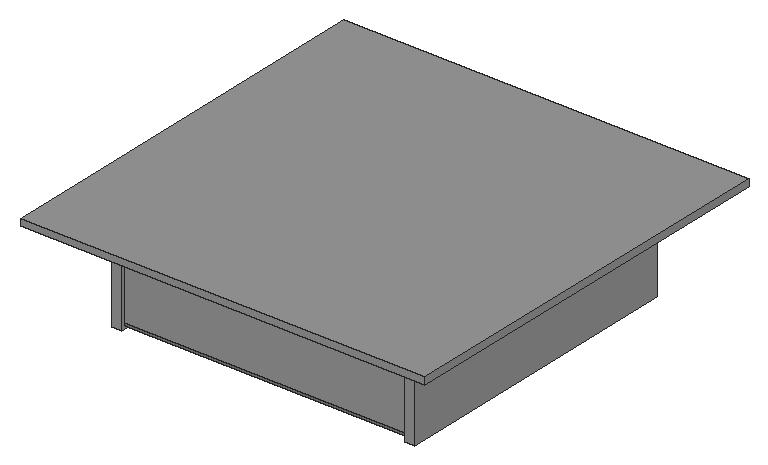
Revit family "Berica 2.0 M", category Lighting Fixtures, Revit 2020 (continued)
Definition of nested family "Light Source Berica 2.0"
  Types (4, lengths in mm): name | Photometric Web File | built-in parameter 1150142
      3.13 42.35 41.68 41.10 40.56 40.12 39.70 39.34 38.95 \r\n38.53 38.12 37.66 37.22 36.78 36.36 36.00 35.89 36.00 \r\n36.36 36.78 37.22 37.66 38.12 38.53 38.95 39.34 39.70 \r\n40.12 40.56 41.10 41.68 42.35 43.13 43.93 44.86 45.93 \r\n47.04 48.34 49.76 51.43 53.11 55.07 57.27 60.04 62.98 \r\n66.15 69.78 73.36 77.48 81.84 86.27 90.65 95.60 100.36 \r\n105.27 110.16 115.04 119.42 123.62 127.27 130.59 133.59 \r\n136.23 138.39 140.11 141.58 142.55 143.19 143.44 143.43 \r\n143.25 142.81 142.25 141.51 140.68 139.75 138.68 137.18 \r\n136.12 134.92 133.66 132.39 131.17 129.94 128.69 127.59 \r\n126.44 125.40 124.27 123.33 122.43 121.60 120.80 120.12 \r\n119.55 119.07 118.61 118.22 117.91 117.62 117.44 117.21 \r\n117.00 116.84 116.72 116.65 116.69 \r\n116.69 116.66 116.72 116.92 117.13 117.36 117.58 117.83 \r\n118.23 118.59 119.04 119.66 120.23 120.96 121.74 122.66 \r\n123.68 124.74 125.99 127.22 128.57 129.86 131.33 132.58 \r\n134.07 135.38 136.79 138.20 139.51 140.68 142.22 143.33 \r\n144.27 145.04 145.67 146.14 146.42 146.39 146.10 145.41 \r\n144.38 142.86 141.15 138.77 136.10 133.04 129.85 126.05 \r\n121.32 116.89 111.82 106.94 101.51 96.57 91.86 87.37 \r\n82.58 78.34 74.21 70.50 66.92 63.86 60.82 58.39 56.24 \r\n54.44 52.79 51.12 49.92 48.58 47.57 46.46 45.66 44.86 \r\n44.21 43.56 43.04 42.51 42.13 41.77 41.40 41.07 40.74 \r\n40.41 39.97 39.55 39.10 38.74 38.27 37.99 37.83 37.99 \r\n38.27 38.74 39.10 39.55 39.97 40.41 40.74 41.07 41.40 \r\n41.77 42.13 42.51 43.04 43.56 44.21 44.86 45.66 46.46 \r\n47.57 48.58 49.92 51.12 52.79 54.44 56.24 58.39 60.82 \r\n63.86 66.92 70.50 74.21 78.34 82.58 87.37 91.86 96.57 \r\n101.51 106.94 111.82 116.89 121.32 126.05 129.85 133.04 \r\n136.10 138.77 141.15 142.86 144.38 145.41 146.10 146.39 \r\n146.42 146.14 145.67 145.04 144.27 143.33 142.22 140.68 \r\n139.51 138.20 136.79 135.38 134.07 132.58 131.33 129.86 \r\n128.57 127.22 125.99 124.74 123.68 122.66 121.74 120.96 \r\n120.23 119.66 119.04 118.59 118.23 117.83 117.58 117.36 \r\n117.13 116.92 116.72 116.66 116.69 \r\n116.69 116.66 116.78 116.91 117.21 117.43 117.72 118.03 \r\n118.47 118.93 119.48 120.05 120.75 121.63 122.54 123.55 \r\n124.80 126.00 127.45 128.88 130.28 131.91 133.37 134.92 \r\n136.42 137.98 139.56 140.87 142.19 143.54 145.05 146.09 \r\n147.13 147.77 148.34 148.62 148.69 148.40 147.84 146.87 \r\n145.38 143.57 141.25 138.52 135.79 132.26 128.23 123.92 \r\n119.01 113.66 108.75 103.52 98.73 93.37 88.55 84.16 79.52 \r\n75.49 71.91 68.18 65.02 62.00 59.64 57.60 55.73 54.16 \r\n52.70 51.29 50.03 49.00 48.05 47.22 46.47 45.73 45.19 \r\n44.62 44.25 43.81 43.50 43.14 42.84 42.54 42.30 41.92 \r\n41.52 41.14 40.75 40.34 39.97 39.66 39.55 39.66 39.97 \r\n40.34 40.75 41.14 41.52 41.92 42.30 42.54 42.84 43.14 \r\n43.50 43.81 44.25 44.62 45.19 45.73 46.47 47.22 48.05 \r\n49.00 50.03 51.29 52.70 54.16 55.73 57.60 59.64 62.00 \r\n65.02 68.18 71.91 75.49 79.52 84.16 88.55 93.37 98.73 \r\n103.52 108.75 113.66 119.01 123.92 128.23 132.26 135.79 \r\n138.52 141.25 143.57 145.38 146.87 147.84 148.40 148.69 \r\n148.62 148.34 147.77 147.13 146.09 145.05 143.54 142.19 \r\n140.87 139.56 137.98 136.42 134.92 133.37 131.91 130.28 \r\n128.88 127.45 126.00 124.80 123.55 122.54 121.63 120.75 \r\n120.05 119.48 118.93 118.47 118.03 117.72 117.43 117.21 \r\n116.91 116.78 116.66 116.69 \r\n116.69 116.69 116.79 116.96 117.26 117.56 117.91 118.21 \r\n118.69 119.24 119.88 120.51 121.33 122.19 123.25 124.38 \r\n125.65 127.12 128.67 130.31 131.85 133.57 135.09 136.74 \r\n138.31 140.02 141.54 143.07 144.40 145.75 147.22 148.20 \r\n149.15 149.81 150.26 150.43 150.27 149.74 148.86 147.61 \r\n145.82 143.64 140.91 138.33 134.92 130.85 126.50 121.72 \r\n116.62 111.27 106.24 100.83 95.90 90.37 85.98 81.24 77.28 \r\n73.16 69.77 66.43 63.46 61.11 58.86 57.00 55.35 54.03 \r\n52.64 51.45 50.36 49.44 48.54 47.81 47.09 46.57 45.96 \r\n45.62 45.17 44.93 44.52 44.32 44.12 43.78 43.48 43.14 \r\n42.86 42.42 42.09 41.71 41.36 41.00 40.94 41.00 41.36 \r\n41.71 42.09 42.42 42.86 43.14 43.48 43.78 44.12 44.32 \r\n44.52 44.93 45.17 45.62 45.96 46.57 47.09 47.81 48.54 \r\n49.44 50.36 51.45 52.64 54.03 55.35 57.00 58.86 61.11 \r\n63.46 66.43 69.77 73.16 77.28 81.24 85.98 90.37 95.90 \r\n100.83 106.24 111.27 116.62 121.72 126.50 130.85 134.92 \r\n138.33 140.91 143.64 145.82 147.61 148.86 149.74 150.27 \r\n150.43 150.26 149.81 149.15 148.20 147.22 145.75 144.40 \r\n143.07 141.54 140.02 138.31 136.74 135.09 133.57 131.85 \r\n130.31 128.67 127.12 125.65 124.38 123.25 122.19 121.33 \r\n120.51 119.88 119.24 118.69 118.21 117.91 117.56 117.26 \r\n116.96 116.79 116.69 116.69 \r\n116.69 116.66 116.78 116.96 117.32 117.66 118.03 118.40 \r\n118.94 119.47 120.14 120.82 121.75 122.67 123.78 125.08 \r\n126.52 127.98 129.66 131.35 132.88 134.86 136.38 138.20 \r\n139.84 141.49 143.08 144.66 146.02 147.34 148.67 149.75 \r\n150.62 151.25 151.62 151.64 151.39 150.70 149.53 148.06 \r\n145.93 143.31 140.93 137.58 133.60 129.50 124.89 120.00 \r\n114.69 109.21 103.83 98.88 93.48 88.38 83.78 79.49 75.52 \r\n71.57 68.34 65.30 62.49 60.39 58.44 56.79 55.29 53.93 \r\n52.69 51.60 50.63 49.75 49.00 48.28 47.79 47.16 46.75 \r\n46.44 45.92 45.78 45.44 45.28 45.02 44.72 44.45 44.16 \r\n43.81 43.45 43.07 42.73 42.39 42.07 42.07 42.07 42.39 \r\n42.73 43.07 43.45 43.81 44.16 44.45 44.72 45.02 45.28 \r\n45.44 45.78 45.92 46.44 46.75 47.16 47.79 48.28 49.00 \r\n49.75 50.63 51.60 52.69 53.93 55.29 56.79 58.44 60.39 \r\n62.49 65.30 68.34 71.57 75.52 79.49 83.78 88.38 93.48 \r\n98.88 103.83 109.21 114.69 120.00 124.89 129.50 133.60 \r\n137.58 140.93 143.31 145.93 148.06 149.53 150.70 151.39 \r\n151.64 151.62 151.25 150.62 149.75 148.67 147.34 146.02 \r\n144.66 143.08 141.49 139.84 138.20 136.38 134.86 132.88 \r\n131.35 129.66 127.98 126.52 125.08 123.78 122.67 121.75 \r\n120.82 120.14 119.47 118.94 118.40 118.03 117.66 117.32 \r\n116.96 116.78 116.66 116.69 \r\n116.69 116.68 116.81 117.02 117.37 117.73 118.17 118.62 \r\n119.09 119.65 120.39 121.20 122.06 123.04 124.35 125.69 \r\n127.03 128.62 130.31 132.06 133.93 135.61 137.36 139.17 \r\n140.92 142.63 144.21 145.69 147.21 148.45 149.66 150.69 \r\n151.50 152.06 152.32 152.28 151.80 150.96 149.61 148.00 \r\n145.73 143.12 140.21 136.98 132.82 128.41 123.43 118.34 \r\n113.04 107.64 102.20 97.07 91.94 86.91 82.18 77.99 74.07 \r\n70.57 67.35 64.43 61.97 59.91 58.15 56.62 55.19 53.92 \r\n52.75 51.73 50.79 49.95 49.24 48.68 48.05 47.56 47.22 \r\n46.85 46.60 46.27 46.06 45.89 45.60 45.38 45.12 44.84 \r\n44.52 44.18 43.78 43.50 43.10 42.84 42.80 42.84 43.10 \r\n43.50 43.78 44.18 44.52 44.84 45.12 45.38 45.60 45.89 \r\n46.06 46.27 46.60 46.85 47.22 47.56 48.05 48.68 49.24 \r\n49.95 50.79 51.73 52.75 53.92 55.19 56.62 58.15 59.91 \r\n61.97 64.43 67.35 70.57 74.07 77.99 82.18 86.91 91.94 \r\n97.07 102.20 107.64 113.04 118.34 123.43 128.41 132.82 \r\n136.98 140.21 143.12 145.73 148.00 149.61 150.96 151.80 \r\n152.28 152.32 152.06 151.50 150.69 149.66 148.45 147.21 \r\n145.69 144.21 142.63 140.92 139.17 137.36 135.61 133.93 \r\n132.06 130.31 128.62 127.03 125.69 124.35 123.04 122.06 \r\n121.20 120.39 119.65 119.09 118.62 118.17 117.73 117.37 \r\n117.02 116.81 116.68 116.69 \r\n116.69 116.71 116.82 117.07 117.44 117.79 118.26 118.73 \r\n119.23 119.83 120.59 121.43 122.33 123.33 124.63 126.00 \r\n127.48 129.09 130.80 132.59 134.32 136.24 137.96 139.69 \r\n141.55 143.23 144.84 146.42 147.86 149.23 150.45 151.33 \r\n152.11 152.61 152.77 152.62 152.06 151.11 149.72 148.01 \r\n145.60 142.89 139.81 136.49 132.42 127.65 122.67 117.30 \r\n111.98 106.42 101.28 95.37 90.77 85.78 81.16 76.94 73.36 \r\n69.88 66.77 63.92 61.64 59.90 57.93 56.58 54.99 53.89 \r\n52.64 51.76 50.84 50.14 49.42 48.80 48.42 47.79 47.50 \r\n47.06 46.89 46.57 46.39 46.15 46.05 45.77 45.56 45.23 \r\n44.89 44.60 44.19 43.88 43.56 43.32 43.18 43.32 43.56 \r\n43.88 44.19 44.60 44.89 45.23 45.56 45.77 46.05 46.15 \r\n46.39 46.57 46.89 47.06 47.50 47.79 48.42 48.80 49.42 \r\n50.14 50.84 51.76 52.64 53.89 54.99 56.58 57.93 59.90 \r\n61.64 63.92 66.77 69.88 73.36 76.94 81.16 85.78 90.77 \r\n95.37 101.28 106.42 111.98 117.30 122.67 127.65 132.42 \r\n136.49 139.81 142.89 145.60 148.01 149.72 151.11 152.06 \r\n152.62 152.77 152.61 152.11 151.33 150.45 149.23 147.86 \r\n146.42 144.84 143.23 141.55 139.69 137.96 136.24 134.32 \r\n132.59 130.80 129.09 127.48 126.00 124.63 123.33 122.33 \r\n121.43 120.59 119.83 119.23 118.73 118.26 117.79 117.44 \r\n117.07 116.82 116.71 116.69 \r\n116.69 116.75 116.96 117.17 117.63 117.98 118.60 119.10 \r\n119.62 120.24 121.09 121.90 122.88 124.05 125.37 126.66 \r\n128.28 129.75 131.64 133.49 135.30 137.07 139.07 140.66 \r\n142.51 144.22 145.77 147.46 148.76 150.19 151.37 152.34 \r\n153.01 153.44 153.52 153.30 152.65 151.60 150.05 148.24 \r\n145.94 142.54 139.52 135.80 132.10 127.33 121.99 116.42 \r\n111.16 105.57 100.04 94.58 89.73 84.97 80.68 76.49 72.68 \r\n69.23 66.31 63.34 61.20 59.41 57.70 56.34 54.72 53.60 \r\n52.62 51.62 50.74 50.10 49.28 48.75 48.25 47.78 47.42 \r\n47.19 46.77 46.74 46.44 46.32 46.16 45.96 45.69 45.58 \r\n45.16 44.93 44.57 44.23 43.87 43.66 43.39 43.66 43.87 \r\n44.23 44.57 44.93 45.16 45.58 45.69 45.96 46.16 46.32 \r\n46.44 46.74 46.77 47.19 47.42 47.78 48.25 48.75 49.28 \r\n50.10 50.74 51.62 52.62 53.60 54.72 56.34 57.70 59.41 \r\n61.20 63.34 66.31 69.23 72.68 76.49 80.68 84.97 89.73 \r\n94.58 100.04 105.57 111.16 116.42 121.99 127.33 132.10 \r\n135.80 139.52 142.54 145.94 148.24 150.05 151.60 152.65 \r\n153.30 153.52 153.44 153.01 152.34 151.37 150.19 148.76 \r\n147.46 145.77 144.22 142.51 140.66 139.07 137.07 135.30 \r\n133.49 131.64 129.75 128.28 126.66 125.37 124.05 122.88 \r\n121.90 121.09 120.24 119.62 119.10 118.60 117.98 117.63 \r\n117.17 116.96 116.75 116.69 \r\n116.69 116.71 116.82 117.07 117.44 117.79 118.26 118.73 \r\n119.23 119.83 120.59 121.43 122.33 123.33 124.63 126.00 \r\n127.48 129.09 130.80 132.59 134.32 136.24 137.96 139.69 \r\n141.55 143.23 144.84 146.42 147.86 149.23 150.45 151.33 \r\n152.11 152.61 152.77 152.62 152.06 151.11 149.72 148.01 \r\n145.60 142.89 139.81 136.49 132.42 127.65 122.67 117.30 \r\n111.98 106.42 101.28 95.37 90.77 85.78 81.16 76.94 73.36 \r\n69.88 66.77 63.92 61.64 59.90 57.93 56.58 54.99 53.89 \r\n52.64 51.76 50.84 50.14 49.42 48.80 48.42 47.79 47.50 \r\n47.06 46.89 46.57 46.39 46.15 46.05 45.77 45.56 45.23 \r\n44.89 44.60 44.19 43.88 43.56 43.32 43.18 43.32 43.56 \r\n43.88 44.19 44.60 44.89 45.23 45.56 45.77 46.05 46.15 \r\n46.39 46.57 46.89 47.06 47.50 47.79 48.42 48.80 49.42 \r\n50.14 50.84 51.76 52.64 53.89 54.99 56.58 57.93 59.90 \r\n61.64 63.92 66.77 69.88 73.36 76.94 81.16 85.78 90.77 \r\n95.37 101.28 106.42 111.98 117.30 122.67 127.65 132.42 \r\n136.49 139.81 142.89 145.60 148.01 149.72 151.11 152.06 \r\n152.62 152.77 152.61 152.11 151.33 150.45 149.23 147.86 \r\n146.42 144.84 143.23 141.55 139.69 137.96 136.24 134.32 \r\n132.59 130.80 129.09 127.48 126.00 124.63 123.33 122.33 \r\n121.43 120.59 119.83 119.23 118.73 118.26 117.79 117.44 \r\n117.07 116.82 116.71 116.69 \r\n116.69 116.68 116.81 117.02 117.37 117.73 118.17 118.62 \r\n119.09 119.65 120.39 121.20 122.06 123.04 124.35 125.69 \r\n127.03 128.62 130.31 132.06 133.93 135.61 137.36 139.17 \r\n140.92 142.63 144.21 145.69 147.21 148.45 149.66 150.69 \r\n151.50 152.06 152.32 152.28 151.80 150.96 149.61 148.00 \r\n145.73 143.12 140.21 136.98 132.82 128.41 123.43 118.34 \r\n113.04 107.64 102.20 97.07 91.94 86.91 82.18 77.99 74.07 \r\n70.57 67.35 64.43 61.97 59.91 58.15 56.62 55.19 53.92 \r\n52.75 51.73 50.79 49.95 49.24 48.68 48.05 47.56 47.22 \r\n46.85 46.60 46.27 46.06 45.89 45.60 45.38 45.12 44.84 \r\n44.52 44.18 43.78 43.50 43.10 42.84 42.80 42.84 43.10 \r\n43.50 43.78 44.18 44.52 44.84 45.12 45.38 45.60 45.89 \r\n46.06 46.27 46.60 46.85 47.22 47.56 48.05 48.68 49.24 \r\n49.95 50.79 51.73 52.75 53.92 55.19 56.62 58.15 59.91 \r\n61.97 64.43 67.35 70.57 74.07 77.99 82.18 86.91 91.94 \r\n97.07 102.20 107.64 113.04 118.34 123.43 128.41 132.82 \r\n136.98 140.21 143.12 145.73 148.00 149.61 150.96 151.80 \r\n152.28 152.32 152.06 151.50 150.69 149.66 148.45 147.21 \r\n145.69 144.21 142.63 140.92 139.17 137.36 135.61 133.93 \r\n132.06 130.31 128.62 127.03 125.69 124.35 123.04 122.06 \r\n121.20 120.39 119.65 119.09 118.62 118.17 117.73 117.37 \r\n117.02 116.81 116.68 116.69 \r\n116.69 116.66 116.78 116.96 117.32 117.66 118.03 118.40 \r\n118.94 119.47 120.14 120.82 121.75 122.67 123.78 125.08 \r\n126.52 127.98 129.66 131.35 132.88 134.86 136.38 138.20 \r\n139.84 141.49 143.08 144.66 146.02 147.34 148.67 149.75 \r\n150.62 151.25 151.62 151.64 151.39 150.70 149.53 148.06 \r\n145.93 143.31 140.93 137.58 133.60 129.50 124.89 120.00 \r\n114.69 109.21 103.83 98.88 93.48 88.38 83.78 79.49 75.52 \r\n71.57 68.34 65.30 62.49 60.39 58.44 56.79 55.29 53.93 \r\n52.69 51.60 50.63 49.75 49.00 48.28 47.79 47.16 46.75 \r\n46.44 45.92 45.78 45.44 45.28 45.02 44.72 44.45 44.16 \r\n43.81 43.45 43.07 42.73 42.39 42.07 42.07 42.07 42.39 \r\n42.73 43.07 43.45 43.81 44.16 44.45 44.72 45.02 45.28 \r\n45.44 45.78 45.92 46.44 46.75 47.16 47.79 48.28 49.00 \r\n49.75 50.63 51.60 52.69 53.93 55.29 56.79 58.44 60.39 \r\n62.49 65.30 68.34 71.57 75.52 79.49 83.78 88.38 93.48 \r\n98.88 103.83 109.21 114.69 120.00 124.89 129.50 133.60 \r\n137.58 140.93 143.31 145.93 148.06 149.53 150.70 151.39 \r\n151.64 151.62 151.25 150.62 149.75 148.67 147.34 146.02 \r\n144.66 143.08 141.49 139.84 138.20 136.38 134.86 132.88 \r\n131.35 129.66 127.98 126.52 125.08 123.78 122.67 121.75 \r\n120.82 120.14 119.47 118.94 118.40 118.03 117.66 117.32 \r\n116.96 116.78 116.66 116.69 \r\n116.69 116.69 116.79 116.96 117.26 117.56 117.91 118.21 \r\n118.69 119.24 119.88 120.51 121.33 122.19 123.25 124.38 \r\n125.65 127.12 128.67 130.31 131.85 133.57 135.09 136.74 \r\n138.31 140.02 141.54 143.07 144.40 145.75 147.22 148.20 \r\n149.15 149.81 150.26 150.43 150.27 149.74 148.86 147.61 \r\n145.82 143.64 140.91 138.33 134.92 130.85 126.50 121.72 \r\n116.62 111.27 106.24 100.83 95.90 90.37 85.98 81.24 77.28 \r\n73.16 69.77 66.43 63.46 61.11 58.86 57.00 55.35 54.03 \r\n52.64 51.45 50.36 49.44 48.54 47.81 47.09 46.57 45.96 \r\n45.62 45.17 44.93 44.52 44.32 44.12 43.78 43.48 43.14 \r\n42.86 42.42 42.09 41.71 41.36 41.00 40.94 41.00 41.36 \r\n41.71 42.09 42.42 42.86 43.14 43.48 43.78 44.12 44.32 \r\n44.52 44.93 45.17 45.62 45.96 46.57 47.09 47.81 48.54 \r\n49.44 50.36 51.45 52.64 54.03 55.35 57.00 58.86 61.11 \r\n63.46 66.43 69.77 73.16 77.28 81.24 85.98 90.37 95.90 \r\n100.83 106.24 111.27 116.62 121.72 126.50 130.85 134.92 \r\n138.33 140.91 143.64 145.82 147.61 148.86 149.74 150.27 \r\n150.43 150.26 149.81 149.15 148.20 147.22 145.75 144.40 \r\n143.07 141.54 140.02 138.31 136.74 135.09 133.57 131.85 \r\n130.31 128.67 127.12 125.65 124.38 123.25 122.19 121.33 \r\n120.51 119.88 119.24 118.69 118.21 117.91 117.56 117.26 \r\n116.96 116.79 116.69 116.69 \r\n116.69 116.66 116.78 116.91 117.21 117.43 117.72 118.03 \r\n118.47 118.93 119.48 120.05 120.75 121.63 122.54 123.55 \r\n124.80 126.00 127.45 128.88 130.28 131.91 133.37 134.92 \r\n136.42 137.98 139.56 140.87 142.19 143.54 145.05 146.09 \r\n147.13 147.77 148.34 148.62 148.69 148.40 147.84 146.87 \r\n145.38 143.57 141.25 138.52 135.79 132.26 128.23 123.92 \r\n119.01 113.66 108.75 103.52 98.73 93.37 88.55 84.16 79.52 \r\n75.49 71.91 68.18 65.02 62.00 59.64 57.60 55.73 54.16 \r\n52.70 51.29 50.03 49.00 48.05 47.22 46.47 45.73 45.19 \r\n44.62 44.25 43.81 43.50 43.14 42.84 42.54 42.30 41.92 \r\n41.52 41.14 40.75 40.34 39.97 39.66 39.55 39.66 39.97 \r\n40.34 40.75 41.14 41.52 41.92 42.30 42.54 42.84 43.14 \r\n43.50 43.81 44.25 44.62 45.19 45.73 46.47 47.22 48.05 \r\n49.00 50.03 51.29 52.70 54.16 55.73 57.60 59.64 62.00 \r\n65.02 68.18 71.91 75.49 79.52 84.16 88.55 93.37 98.73 \r\n103.52 108.75 113.66 119.01 123.92 128.23 132.26 135.79 \r\n138.52 141.25 143.57 145.38 146.87 147.84 148.40 148.69 \r\n148.62 148.34 147.77 147.13 146.09 145.05 143.54 142.19 \r\n140.87 139.56 137.98 136.42 134.92 133.37 131.91 130.28 \r\n128.88 127.45 126.00 124.80 123.55 122.54 121.63 120.75 \r\n120.05 119.48 118.93 118.47 118.03 117.72 117.43 117.21 \r\n116.91 116.78 116.66 116.69 \r\n116.69 116.66 116.72 116.92 117.13 117.36 117.58 117.83 \r\n118.23 118.59 119.04 119.66 120.23 120.96 121.74 122.66 \r\n123.68 124.74 125.99 127.22 128.57 129.86 131.33 132.58 \r\n134.07 135.38 136.79 138.20 139.51 140.68 142.22 143.33 \r\n144.27 145.04 145.67 146.14 146.42 146.39 146.10 145.41 \r\n144.38 142.86 141.15 138.77 136.10 133.04 129.85 126.05 \r\n121.32 116.89 111.82 106.94 101.51 96.57 91.86 87.37 \r\n82.58 78.34 74.21 70.50 66.92 63.86 60.82 58.39 56.24 \r\n54.44 52.79 51.12 49.92 
